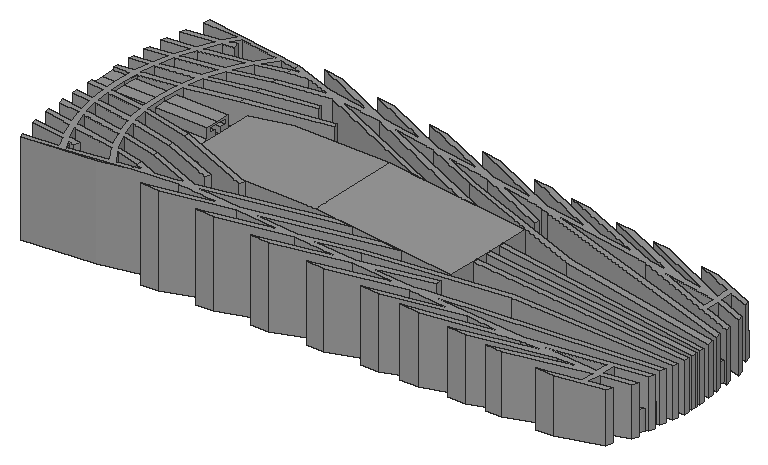
Revit family "Superstreet 340", category Осветительные приборы, Revit 2017 (continued)
Types (11, lengths in mm): name | built-in parameter 1150134 | Файл фотометрической сетки | built-in parameter 1150105 | Lumens | built-in parameter 1150106 | built-in parameter 1150142 | Wattage | built-in parameter 1150107 | Артикул
  Superstreet 340 5.0К Ш13 | 2 | "Superstreet 340-310-LLI13-5.0К-01.ies" | 2910.9 (stored number, unit not read) | 36580 lm | 29.109 (stored number, unit not read) | "ISNA:LM-63-1995\r\n[TEST]LEDEL\r\n[DATA]28.05.2018\r\n[MANUFAC]LEDEL\r\n[LUMCAT]Superstreet 340/310/Ш13/5.0K/01\r\n[LUMINAIRE]Для освещения дорог категорий А и Б, городских улиц и площадей\r\n[LAMPCAT]LED\r\n[LAMP]OSRAM OSLON SQUARE3\r\nTILT=NONE\r\n\r\n1 36580 1.9258713277877 37 37 1 2 0.636 0.256 0.100\r\n1 1 310\r\n\r\n0 2.5 5 7.5 10 12.5 15 17.5 20 22.5 25 27.5 30 32.5 35 37.5 40 42.5 45 47.5\r\n 50 52.5 55 57.5 60 62.5 65 67.5 70 72.5 75 77.5 80 82.5 85 87.5 90\r\n\r\n90 95 100 105 110 115 120 125 130 135 140 145 150 155 160 165 170 175 180\r\n 185 190 195 200 205 210 215 220 225 230 235 240 245 250 255 260 265 270\r\n\r\n\r\n   6235 5721 5230 4749 4277 3754 3242 2810 2529 2300 2116 1966 1809 1658 1539\r\n  1403 1314 1189 1073 1066 1246 1261 1126 1039 1021 1006 1013 1017 953 799\r\n  548 379 226 121 53 27 23\r\n  6175 5646 5170 4701 4217 3699 3174 2780 2484 2285 2094 1951 1786 1640 1531\r\n  1403 1284 1171 1051 1107 1246 1216 1111 1024 991 1006 1013 999 901 766\r\n  511 349 211 106 38 31 16\r\n  6235 5721 5223 4776 4292 3774 3234 2817 2514 2288 2094 1951 1816 1681 1546\r\n  1426 1276 1148 1066 1062 1216 1231 1111 1024 1006 1006 1006 1006 938 784\r\n  571 379 256 136 46 27 8\r\n  6416 5886 5403 4956 4487 4026 3489 2997 2672 2431 2221 2056 1899 1771 1621\r\n  1475 1336 1216 1103 1024 1141 1264 1156 1036 968 964 991 953 901 781\r\n  593 376 263 139 61 19 16\r\n  6258 5743 5290 4839 4397 3936 3399 2975 2642 2431 2229 2060 1899 1768 1629\r\n  1471 1314 1216 1096 1051 1103 1216 1171 1036 961 931 916 901 863 766\r\n  638 451 263 132 46 27 23\r\n  6416 5908 5455 5031 4592 4164 3677 3204 2837 2597 2364 2195 2034 1880 1726\r\n  1591 1441 1291 1178 1051 1013 1111 1141 1073 976 886 841 852 811 766\r\n  676 514 316 136 53 27 16\r\n  6378 5901 5463 5038 4637 4221 3759 3294 2912 2645 2446 2266 2116 1951 1801\r\n  1651 1486 1328 1208 1099 1006 1006 1058 1051 976 901 796 732 721 691\r\n  631 514 316 151 61 31 8\r\n 6281 5833 5433 5061 4675 4299 3887 3455 3054 2769 2552 2386 2206 2045 1884\r\n  1715 1554 1385 1231 1114 1028 961 961 961 916 859 781 706 631 589\r\n  518 421 241 121 46 31 16\r\n  6326 5920 5515 5169 4817 4472 4090 3672 3294 2960 2709 2522 2341 2153 1996\r\n  1816 1651 1493 1336 1189 1066 976 931 886 848 811 751 679 608 529\r\n  466 361 218 121 46 31 31\r\n   6371 5976 5620 5271 4967 4652 4315 3962 3564 3212 2912 2687 2469 2296 2124\r\n  1951 1786 1610 1456 1294 1171 1036 938 856 796 766 713 676 593 526\r\n  443 323 196 106 46 31 31\r\n  6386 6036 5710 5399 5095 4821 4555 4236 3925 3579 3219 2957 2702 2491 2296\r\n  2120 1951 1786 1599 1430 1269 1118 968 859 781 721 683 634 586 481\r\n  383 271 166 102 46 31 31\r\n  6386 6066 5793 5523 5268 5031 4787 4532 4262 3977 3632 3294 3002 2762 2537\r\n  2356 2146 1955 1771 1610 1411 1261 1081 934 826 743 683 642 571 488\r\n  383 271 181 106 46 34 31\r\n  6483 6201 5943 5691 5470 5245 5043 4821 4615 4371 4105 3812 3512 3200 2934\r\n  2690 2454 2225 2034 1823 1614 1426 1216 1062 946 856 788 706 616 511\r\n  383 274 181 109 46 42 38\r\n  6476 6228 6003 5808 5628 5459 5283 5103 4915 4727 4502 4281 4037 3782 3497\r\n  3215 2964 2705 2454 2210 1966 1726 1501 1318 1193 1126 1058 961 826 634\r\n  443 301 203 121 61 46 46\r\n  6416 6231 6048 5913 5763 5643 5493 5373 5238 5079 4937 4772 4570 4386 4172\r\n  3951 3714 3452 3182 2897 2604 2318 2071 1895 1816 1778 1771 1610 1238 769\r\n  443 301 203 121 91 46 38\r\n  6461 6318 6183 6078 5973 5883 5793 5691 5583 5489 5343 5223 5088 4914 4742\r\n  4566 4390 4187 3955 3695 3444 3200 3017 2882 2867 2949 2987 2717 1989 1080\r\n  541 304 173 109 91 49 46\r\n  6483 6393 6303 6250 6198 6138 6093 6036 5973 5909 5823 5736 5628 5500 5380\r\n  5238 5088 4937 4742 4521 4300 4101 3947 3857 3887 4097 4375 4412 3564 2074\r\n  923 379 211 136 98 61 53\r\n  6528 6468 6438 6408 6393 6408 6393 6393 6393 6390 6333 6303 6228 6138 6018\r\n  5901 5763 5590 5395 5196 4967 4791 4682 4622 4712 5021 5485 5643 4660 2786\r\n  1223 491 263 151 106 84 46\r\n  6528 6540 6558 6588 6663 6738 6798 6858 6918 6975 7008 7038 7046 6993 6948\r\n  6873 6791 6663 6543 6405 6303 6288 6363 6528 6821 7409 8171 8205 6371 3474\r\n  1081 391 226 151 113 91 46\r\n  6528 6558 6626 6708 6813 6907 7053 7173 7308 7413 7534 7639 7729 7789 7804\r\n  7804 7759 7714 7661 7579 7556 7612 7759 8047 8531 9322 10280 10576 8967 5519\r\n  2049 549 263 199 151 121 98\r\n  6483 6577 6708 6858 7023 7173 7353 7564 7744 7931 8134 8317 8479 8614 8704\r\n  8749 8764 8719 8644 8569 8509 8542 8666 8924 9387 10140 11120 11585 10205 6656\r\n  2754 755 271 207 166 132 98\r\n  6461 6618 6768 6952 7158 7387 7631 7882 8134 8354 8629 8873 9094 9289 9402\r\n  9458 9454 9364 9184 9001 8824 8719 8734 8869 9222 9907 10902 11570 10595 7253\r\n  3099 845 316 226 181 136 121\r\n  6416 6618 6813 7042 7301 7567 7864 8152 8456 8737 9012 9289 9514 9713 9829\r\n  9868 9792 9612 9364 9072 8824 8655 8576 8644 8877 9341 10107 10692 10040 7233\r\n  3317 917 301 211 136 117 91\r\n  6476 6708 6963 7237 7549 7864 8179 8486 8809 9105 9387 9653 9882 10040 10085\r\n  10051 9882 9612 9304 9001 8726 8539 8389 8284 8194 8089 8074 7793 6446 3864\r\n  1584 624 331 192 121 91 61\r\n   6483 6760 7076 7387 7736 8062 8404 8726 9064 9341 9612 9833 10025 10145 10152\r\n  10055 9837 9514 9177 8791 8419 8040 7564 6938 6168 5362 4675 4080 3039 1664\r\n  758 432 278 132 76 57 46\r\n  6386 6720 7038 7390 7766 8134 8471 8804 9139 9413 9657 9893 10009 10133 10152\r\n  10040 9799 9421 8944 8400 7736 6934 5890 4822 3917 3220 2784 2431 1914 1213\r\n  706 462 316 196 121 106 91\r\n  6386 6742 7128 7537 7916 8302 8666 8989 9297 9559 9754 9949 10062 10100 10002\r\n  9777 9372 8795 8074 7151 6010 4822 3842 3123 2612 2218 1906 1633 1246 852\r\n  608 481 368 211 106 57 31\r\n  6371 6760 7166 7574 7991 8392 8749 9053 9327 9574 9769 9908 9987 9926 9777\r\n  9417 8839 7988 6888 5572 4322 3381 2717 2271 1921 1674 1479 1276 968 706\r\n  586 514 361 192 61 42 38\r\n  6326 6760 7218 7657 8074 8482 8824 9117 9372 9585 9769 9874 9874 9739 9417\r\n  8885 8051 6871 5515 4275 3317 2650 2206 1899 1666 1493 1374 1183 916 702\r\n  586 481 361 211 106 46 38\r\n  6281 6742 7218 7675 8104 8516 8869 9143 9372 9574 9717 9784 9709 9496 9049\r\n  8307 7211 5881 4570 3547 2792 2293 1959 1723 1554 1438 1276 1062 826 627\r\n  511 387 301 174 98 42 31\r\n  6378 6895 7421 7912 8359 8737 9042 9266 9477 9596 9657 9589 9402 8997 8299\r\n  7216 5883 4593 3594 2875 2356 2004 1764 1618 1464 1306 1118 897 698 541\r\n  436 304 226 132 91 46 23\r\n  6416 6914 7458 7931 8359 8722 9004 9248 9424 9559 9567 9454 9154 8604 7729\r\n  6488 5163 4027 3212 2608 2184 1888 1711 1550 1396 1216 1021 807 623 481\r\n  361 271 196 106 61 31 16\r\n 6258 6787 7323 7822 8269 8647 8944 9199 9349 9469 9477 9357 9019 8435 7503\r\n  6286 4990 3895 3099 2548 2139 1876 1689 1531 1359 1171 968 781 571 439\r\n  316 249 181 121 76 42 31\r\n  6416 6959 7519 8032 8456 8782 9049 9244 9387 9431 9349 9129 8644 7898 6821\r\n  5569 4427 3517 2874 2425 2064 1846 1636 1471 1299 1126 916 717 548 391\r\n  293 211 151 114 61 27 16\r\n  6235 6805 7368 7886 8336 8707 8982 9199 9327 9379 9304 9061 8599 7793 6678\r\n  5430 4277 3381 2747 2293 1981 1771 1591 1419 1246 1062 871 676 511 372\r\n  286 211 143 106 53 31 16\r\n  6175 6727 7301 7822 8291 8659 8929 9143 9304 9364 9289 9061 8606 7827 6716\r\n  5460 4315 3400 2769 2331 2004 1783 1599 1441 1246 1062 871 680 518 376\r\n  293 222 181 109 53 46 38\r\n  6235 6802 7361 7897 8336 8707 8967 9158 9304 9357 9267 8986 8486 7647 6521\r\n  5280 4172 3333 2717 2293 2011 1798 1614 1430 1261 1066 871 669 518 376\r\n  286 211 151 94 53 31 31\r\n" | 246.26 W | 5000 (stored number, unit not read) | "306110"
  Superstreet 340 5.0К Ш7 | 2 | "Superstreet 340-310-LLI7-5.0K-05.ies" | 2750.6 (stored number, unit not read) | 34565 lm | 27.506 (stored number, unit not read) | "ISNA:LM-63-1995\r\n[TEST]LEDEL\r\n[DATA]28.05.2018\r\n[MANUFAC]LEDEL\r\n[LUMCAT]Superstreet 340/310/Ш7/5.0K/05\r\n[LUMINAIRE]Для освещения дорог категорий А и Б, городских улиц и площадей\r\n[LAMPCAT]LED\r\n[LAMP]OSRAM OSLON SQUARE3\r\nTILT=NONE\r\n\r\n1 34565 1.2651903367496 37 37 1 2 0.636 0.256 0.100\r\n1 1 310\r\n\r\n0 2.5 5 7.5 10 12.5 15 17.5 20 22.5 25 27.5 30 32.5 35 37.5 40 42.5 45 47.5\r\n 50 52.5 55 57.5 60 62.5 65 67.5 70 72.5 75 77.5 80 82.5 85 87.5 90\r\n\r\n90 95 100 105 110 115 120 125 130 135 140 145 150 155 160 165 170 175 180\r\n 185 190 195 200 205 210 215 220 225 230 235 240 245 250 255 260 265 270\r\n\r\n  6845 6637 6468 6340 6224 6122 6040 5994 5964 5946 5928 5855 5708 5491 5207\r\n  4870 4497 4086 3619 2936 2029 1269 936 811 716 646 559 477 399 329\r\n  272 218 163 121 85 73 67\r\n  6842 6643 6489 6364 6248 6157 6076 6030 6006 5994 5961 5874 5717 5479 5191\r\n  4841 4467 4068 3601 2928 2026 1263 927 800 710 628 550 473 405 339\r\n  278 224 176 123 85 73 73\r\n  6836 6648 6504 6394 6284 6193 6115 6061 6030 6002 5961 5857 5677 5424 5110\r\n  4749 4371 3984 3553 2938 2080 1299 927 793 695 612 538 473 408 345\r\n  281 227 176 127 91 73 73\r\n  6839 6656 6519 6411 6305 6212 6136 6073 6030 5994 5931 5810 5614 5351 5016\r\n  4646 4262 3887 3468 2895 2101 1331 927 787 692 610 526 462 405 345\r\n  284 236 182 130 91 79 73\r\n  6857 6687 6556 6442 6341 6248 6166 6092 6040 5990 5907 5781 5587 5312 4980\r\n  4606 4229 3857 3477 2977 2243 1457 969 793 701 618 538 471 408 351\r\n  293 242 188 141 103 79 73\r\n  6876 6714 6592 6479 6381 6291 6202 6128 6067 6000 5910 5780 5590 5327 4998\r\n  4634 4265 3909 3562 3146 2530 1737 1102 829 722 642 574 498 429 365\r\n  311 254 206 147 106 79 76\r\n  6885 6744 6613 6509 6411 6317 6242 6175 6109 6038 5952 5839 5665 5430 5131\r\n  4784 4416 4053 3710 3320 2783 2016 1283 885 737 654 583 521 459 396\r\n  332 272 206 151 106 79 79\r\n  6903 6767 6643 6545 6462 6376 6296 6230 6160 6082 6000 5888 5726 5501 5222\r\n  4892 4540 4186 3833 3447 2922 2221 1473 966 758 667 598 544 480 417\r\n  348 278 209 147 109 80 79\r\n  6933 6809 6697 6604 6528 6450 6378 6308 6239 6171 6091 5990 5858 5677 5448\r\n  5171 4847 4501 4141 3789 3387 2822 2050 1299 882 731 643 575 514 447\r\n  378 296 224 160 112 85 79\r\n  6945 6835 6737 6652 6592 6531 6462 6394 6335 6278 6202 6109 6003 5869 5689\r\n  5454 5170 4852 4497 4144 3776 3302 2611 1773 1108 800 683 592 523 449\r\n  375 292 224 170 115 91 85\r\n  6948 6854 6770 6696 6646 6598 6534 6477 6429 6375 6299 6214 6124 6015 5880\r\n  5706 5484 5224 4914 4579 4217 3773 3151 2323 1494 952 728 616 523 443\r\n  369 292 230 170 115 91 85\r\n  6966 6888 6815 6761 6731 6694 6646 6610 6562 6509 6447 6370 6293 6214 6142\r\n  6056 5943 5802 5611 5363 5047 4666 4159 3390 2397 1459 885 667 553 473\r\n  405 320 239 171 121 100 88\r\n  6972 6912 6857 6815 6803 6780 6767 6743 6713 6670 6622 6562 6498 6442 6414\r\n  6405 6393 6381 6344 6263 6106 5834 5406 4730 3713 2472 1389 813 619 485\r\n  387 308 242 176 124 103 91\r\n  6984 6937 6900 6875 6875 6882 6882 6882 6872 6841 6806 6767 6719 6696 6703\r\n  6741 6803 6882 6975 7060 7105 7081 6906 6419 5499 4106 2530 1302 731 515\r\n  399 316 245 182 133 109 103\r\n  7002 6978 6954 6948 6969 7002 7032 7045 7051 7051 7038 7020 7011 7014 7045\r\n  7105 7217 7368 7552 7707 7853 8081 8285 8289 7823 6601 4666 2611 1171 632\r\n  456 340 251 183 139 115 109\r\n  7014 7008 7008 7020 7063 7111 7171 7214 7250 7274 7286 7298 7316 7340 7389\r\n  7491 7678 7905 8046 8065 8206 8518 8934 9387 9673 9413 8113 5688 2970 1262\r\n  649 427 287 194 151 121 112\r\n  7038 6978 6933 6918 6960 7037 7138 7248 7355 7454 7545 7641 7721 7792 7859\r\n  7935 8013 8158 8466 8560 8318 8108 8046 8074 8164 8374 8792 9496 10222 9363\r\n  5843 2073 459 177 206 196 157\r\n  7038 6972 6909 6888 6912 6978 7069 7165 7253 7339 7416 7491 7564 7623 7681\r\n  7745 7844 8056 8306 8277 8037 7884 7847 7882 7977 8169 8505 9025 9254 7315\r\n  3462 939 302 272 248 194 145\r\n  7032 6934 6863 6845 6875 6931 7008 7082 7150 7214 7280 7336 7383 7438 7488\r\n  7541 7648 7948 8215 8006 7711 7642 7678 7776 7956 8262 8707 9327 9269 6496\r\n  2563 578 345 289 212 151 121\r\n  7038 6971 6906 6888 6915 6978 7072 7167 7253 7340 7419 7494 7564 7624 7684\r\n  7746 7850 8063 8306 8272 8031 7882 7847 7884 7977 8176 8520 9037 9242 7225\r\n  3372 909 293 272 245 192 145\r\n  7038 7051 7051 7087 7129 7209 7304 7376 7437 7491 7533 7570 7612 7654 7718\r\n  7855 8125 8417 8460 8317 8327 8482 8762 9230 9912 10638 10817 9538 6534 3389\r\n  1286 529 332 222 170 137 115\r\n  7014 6993 6954 6949 6996 7070 7180 7305 7431 7541 7648 7746 7841 7921 8010\r\n  8084 8152 8262 8590 8923 8795 8496 8391 8458 8701 9202 10132 11696 13277 12469\r\n  8391 3318 764 247 236 212 170\r\n  7002 6996 6972 6978 7026 7111 7226 7361 7497 7619 7733 7843 7944 8042 8125\r\n  8215 8297 8387 8629 9035 9163 9005 8985 9247 9890 11072 12785 14109 13895 11897\r\n  8885 5242 1965 519 221 182 157\r\n  6984 6996 6984 7008 7069 7153 7271 7408 7555 7686 7808 7921 8043 8150 8255\r\n  8362 8484 8614 8837 9302 9670 9792 10014 10778 12426 14096 14194 13140 12190 10471\r\n  7041 3191 1005 438 293 210 142\r\n  6972 7002 7008 7045 7108 7192 7313 7450 7600 7746 7874 8004 8128 8259 8394\r\n  8538 8713 8917 9190 9677 10289 10786 11608 13450 14725 14134 12884 11593 9208 5164\r\n  1956 816 529 379 266 180 118\r\n  6966 7008 7032 7081 7144 7232 7337 7474 7627 7778 7923 8060 8212 8362 8538\r\n  8748 8994 9306 9679 10116 10690 11728 13609 14784 14236 12909 10775 7159 3311 1390\r\n  827 595 435 326 251 176 115\r\n  6948 7010 7051 7112 7186 7268 7373 7511 7669 7825 7983 8129 8294 8484 8719\r\n  9012 9347 9729 10180 10789 11831 13568 14644 13990 12260 8812 4280 1754 1096 850\r\n  619 476 381 295 221 150 91\r\n 6945 7020 7072 7141 7217 7298 7386 7517 7675 7832 7989 8152 8336 8564 8855\r\n  9196 9565 9985 10560 11435 12878 14073 13603 11822 7808 3327 1443 1067 843 645\r\n  532 469 387 306 215 144 85\r\n  6933 7020 7084 7167 7256 7336 7422 7547 7687 7843 8007 8187 8406 8674 8994\r\n  9342 9734 10246 10986 12100 13183 13045 11584 7858 3360 1421 1030 872 701 592\r\n  529 477 399 308 224 150 85\r\n  6903 7016 7102 7192 7292 7376 7470 7577 7711 7855 8022 8232 8493 8792 9112\r\n  9457 9881 10460 11270 12197 12374 11278 8068 3303 1325 1033 894 729 628 562\r\n  514 438 354 284 224 150 82\r\n  6885 7020 7114 7214 7319 7413 7497 7606 7721 7855 8025 8248 8523 8822 9124\r\n  9471 9924 10518 11230 11680 11164 9251 4998 1839 1027 917 803 693 616 556\r\n  486 402 339 284 221 144 79\r\n  6876 7023 7129 7239 7349 7444 7536 7636 7742 7862 8034 8267 8544 8828 9121\r\n  9466 9927 10479 10977 10907 9779 6791 2922 1248 936 864 767 677 610 541\r\n  453 381 323 278 212 139 79\r\n  6857 7023 7150 7269 7386 7485 7576 7674 7778 7909 8083 8321 8605 8870 9145\r\n  9513 9975 10424 10615 9987 8071 4378 1679 1030 936 826 719 645 580 489\r\n  411 349 308 254 185 120 61\r\n  6839 7016 7159 7281 7404 7505 7591 7686 7799 7939 8110 8351 8611 8852 9121\r\n  9483 9897 10228 10183 9266 6924 3396 1374 989 915 807 710 645 559 469\r\n  399 349 302 241 170 109 61\r\n  6836 7016 7168 7299 7419 7521 7615 7708 7814 7945 8125 8365 8620 8841 9097\r\n  9432 9785 10040 9909 8910 6513 3311 1443 965 900 833 755 674 580 489\r\n  426 375 317 242 173 120 76\r\n  6842 7034 7186 7325 7452 7552 7648 7745 7850 7981 8170 8424 8665 8894 9163\r\n  9505 9827 9978 9610 8258 5439 2466 1217 1012 942 852 764 677 577 483\r\n  417 357 287 210 148 91 55\r\n  6845 7040 7207 7348 7476 7582 7684 7782 7890 8018 8212 8478 8726 8955 9214\r\n  9558 9854 9987 9583 8258 5575 2690 1286 995 945 873 782 687 583 488\r\n  420 357 281 194 139 85 49\r\n\r\n\r\n\r\n" | 232.695 W | 5000 (stored number, unit not read) | "306119"
  Superstreet 340 5.0К Ш8 | 2 | "Superstreet 340-310-LLI8-5.0K-01.ies" | 2716.1 (stored number, unit not read) | 34131 lm | 27.161 (stored number, unit not read) | "ISNA:LM-63-1995\r\n[TEST]LEDEL\r\n[DATA]28.05.2018\r\n[MANUFAC]LEDEL\r\n[LUMCAT]Superstreet 340/310/Ш8/5.0K/01\r\n[LUMINAIRE]Для освещения дорог категорий А и Б, городских улиц и площадей\r\n[LAMPCAT]LED\r\n[LAMP]OSRAM OSLON SQUARE3\r\nTILT=NONE\r\n\r\n1 34131 1.743423405016 37 37 1 2 0.636 0.256 0.100\r\n1 1 310\r\n\r\n0 2.5 5 7.5 10 12.5 15 17.5 20 22.5 25 27.5 30 32.5 35 37.5 40 42.5 45 47.5\r\n 50 52.5 55 57.5 60 62.5 65 67.5 70 72.5 75 77.5 80 82.5 85 87.5 90\r\n\r\n90 95 100 105 110 115 120 125 130 135 140 145 150 155 160 165 170 175 180\r\n 185 190 195 200 205 210 215 220 225 230 235 240 245 250 255 260 265 270\r\n\r\n\r\n  5234 5069 4912 4721 4546 4367 4231 4063 3931 3763 3617 3444 3273 3104 2928\r\n  2742 2555 2372 2218 2006 1787 1530 1281 1087 952 824 703 601 506 425\r\n  323 249 147 103 59 56 37\r\n  5220 5081 4912 4744 4554 4385 4231 4100 3939 3792 3624 3459 3294 3122 2965\r\n  2785 2584 2394 2211 2010 1801 1533 1289 1095 952 820 689 601 520 414\r\n  337 249 162 106 59 41 37\r\n  5212 5077 4920 4747 4583 4422 4275 4129 3983 3840 3690 3532 3375 3221 3068\r\n  2885 2702 2486 2270 2068 1845 1600 1333 1102 981 835 711 615 528 428\r\n  330 253 191 118 74 44 37\r\n  5234 5081 4927 4773 4590 4436 4305 4176 4026 3880 3726 3573 3426 3280 3133\r\n  2958 2745 2504 2299 2094 1896 1640 1362 1146 996 850 732 630 535 440\r\n  337 264 191 118 88 44 37\r\n  5227 5081 4934 4773 4612 4495 4349 4239 4092 3957 3800 3646 3485 3368 3265\r\n  3082 2804 2548 2328 2141 1918 1684 1421 1190 1011 879 769 663 571 443\r\n  366 282 198 129 59 44 37\r\n  5198 5081 4949 4795 4656 4528 4422 4311 4195 4063 3939 3778 3639 3514 3397\r\n  3243 2958 2654 2431 2255 2057 1805 1523 1278 1077 934 820 692 593 464\r\n  381 293 191 129 74 44 44\r\n  5212 5095 4978 4846 4707 4601 4502 4422 4290 4213 4100 3953 3807 3701 3573\r\n  3386 3119 2855 2636 2431 2248 2010 1750 1494 1230 1014 879 762 645 516\r\n  396 293 198 121 59 59 30\r\n  5198 5081 4993 4861 4751 4637 4568 4495 4414 4315 4231 4114 4012 3901 3748\r\n  3517 3273 3046 2826 2639 2467 2255 1984 1691 1413 1172 1011 853 703 571\r\n  418 305 198 132 88 59 37\r\n  5212 5106 5015 4920 4824 4744 4671 4612 4568 4495 4429 4352 4275 4191 4070\r\n  3807 3543 3356 3170 2961 2745 2562 2299 1992 1662 1395 1216 1029 842 637\r\n  454 308 220 169 88 48 30\r\n  5198 5110 5015 4938 4861 4788 4758 4715 4678 4627 4583 4524 4466 4378 4195\r\n  3957 3770 3631 3470 3269 3038 2815 2606 2302 1926 1618 1421 1190 937 703\r\n  484 337 213 132 96 44 44\r\n  5198 5117 5051 4993 4934 4864 4846 4846 4817 4784 4729 4700 4663 4583 4414\r\n  4224 4085 3939 3800 3635 3441 3221 2972 2727 2343 1943 1647 1391 1084 780\r\n  535 370 249 147 103 82 52\r\n  5190 5132 5073 5011 4985 4956 4949 4945 4941 4923 4912 4882 4861 4777 4656\r\n  4524 4414 4311 4188 4045 3924 3734 3529 3313 2987 2551 2035 1533 1208 868\r\n  601 414 264 154 110 55 52\r\n  5212 5154 5103 5081 5051 5037 5051 5069 5081 5077 5081 5095 5081 5022 4941\r\n  4861 4817 4770 4678 4583 4502 4422 4349 4224 4026 3631 2987 2156 1435 1014\r\n  718 502 293 191 118 88 59\r\n  5212 5154 5110 5110 5110 5110 5146 5168 5190 5227 5256 5256 5249 5230 5198\r\n  5165 5154 5150 5051 5004 4993 4978 4978 4956 4861 4586 3939 2931 1845 1149\r\n  784 531 323 202 125 88 59\r\n  5190 5168 5154 5168 5161 5194 5242 5271 5315 5344 5395 5421 5432 5424 5447\r\n  5432 5447 5432 5344 5292 5322 5344 5403 5476 5505 5453 5146 4304 3002 1698\r\n  1003 663 418 264 140 103 74\r\n  5183 5172 5161 5183 5212 5256 5329 5359 5417 5476 5505 5560 5600 5614 5652\r\n  5640 5666 5637 5512 5505 5549 5578 5637 5710 5813 5900 5813 5252 4056 2615\r\n  1435 798 484 290 162 92 59\r\n  5183 5168 5176 5198 5256 5326 5403 5476 5512 5578 5622 5666 5710 5743 5769\r\n  5779 5813 5713 5622 5637 5652 5666 5673 5739 5856 5959 5959 5658 4751 3347\r\n  2035 1097 579 337 162 103 88\r\n  5183 5183 5212 5245 5315 5388 5483 5564 5608 5677 5739 5791 5820 5856 5893\r\n  5912 5886 5769 5695 5710 5681 5677 5673 5725 5769 5798 5725 5530 4971 3850\r\n  2482 1350 667 344 191 118 74\r\n  5183 5183 5183 5227 5242 5286 5344 5406 5476 5549 5593 5652 5710 5754 5813\r\n  5842 5893 5845 5827 5801 5798 5798 5805 5813 5813 5725 5534 5173 4385 3369\r\n  2240 1144 476 249 140 100 59\r\n  5183 5198 5227 5242 5286 5344 5417 5490 5564 5637 5725 5798 5835 5900 5974\r\n  6018 6069 6047 6010 5988 5974 5959 5944 5926 5900 5809 5622 5341 4715 3790\r\n  2643 1466 630 264 147 103 88\r\n  5183 5204 5256 5286 5351 5429 5490 5578 5666 5743 5820 5904 5988 6065 6149\r\n  6208 6244 6241 6230 6222 6208 6219 6208 6222 6208 6164 6083 6018 5666 4778\r\n  3390 1799 732 308 198 132 96\r\n  5183 5242 5271 5344 5410 5505 5586 5666 5761 5856 5966 6050 6142 6237 6310\r\n  6384 6427 6457 6449 6471 6486 6574 6647 6720 6837 6911 6976 6998 6362 4917\r\n  3294 1784 740 337 191 114 74\r\n  5190 5256 5315 5388 5476 5549 5652 5739 5842 5936 6054 6149 6244 6340 6427\r\n  6501 6574 6662 6728 6823 6940 7104 7291 7467 7643 7804 7774 7266 6127 4650\r\n  3265 1945 886 363 183 103 59\r\n  5212 5256 5322 5406 5498 5593 5695 5798 5900 6000 6120 6211 6310 6402 6501\r\n  6629 6720 6867 7028 7221 7423 7613 7796 7997 8235 8283 7818 6904 5695 4065\r\n  2460 1308 689 366 205 129 96\r\n  5212 5286 5359 5447 5556 5640 5739 5842 5952 6061 6164 6284 6391 6530 6647\r\n  6797 6962 7148 7364 7543 7694 7851 8045 8308 8433 8072 7181 5866 4063 2267\r\n  1230 758 491 282 176 88 52\r\n  5190 5271 5373 5442 5556 5640 5747 5842 5944 6061 6157 6296 6405 6548 6698\r\n  6881 7064 7262 7423 7540 7635 7789 8016 8147 7848 6967 5505 3659 2050 1246\r\n  850 597 396 227 125 88 44\r\n  5198 5292 5388 5490 5586 5681 5783 5863 5974 6076 6179 6314 6464 6618 6786\r\n  6958 7130 7262 7320 7379 7445 7566 7628 7229 6310 4885 3163 1876 1281 975\r\n  711 469 323 205 125 88 44\r\n  5198 5292 5395 5490 5593 5688 5783 5863 5981 6097 6222 6369 6537 6694 6859\r\n  6995 7086 7116 7108 7119 7130 6984 6384 5349 3990 2510 1582 1245 1025 788\r\n  571 381 279 176 96 59 30\r\n  5212 5318 5417 5509 5600 5710 5798 5886 5974 6079 6230 6369 6530 6668 6793\r\n  6881 6903 6878 6815 6709 6530 5996 4978 3743 2284 1490 1238 1037 857 671\r\n  513 363 271 147 96 48 44\r\n  5198 5315 5417 5520 5615 5691 5798 5863 5981 6120 6244 6413 6545 6647 6735\r\n  6746 6691 6588 6442 6201 5813 5100 4070 2765 1633 1224 1055 913 769 615\r\n  498 366 264 147 96 44 30\r\n  5212 5333 5425 5549 5637 5713 5798 5852 5981 6120 6252 6413 6537 6621 6632\r\n  6585 6486 6322 6083 5725 5234 4441 3375 2121 1333 1080 930 814 681 586\r\n  469 363 249 147 88 44 30\r\n  5198 5329 5432 5527 5608 5710 5769 5842 5974 6097 6266 6413 6515 6559 6515\r\n  6424 6274 6003 5659 5228 4612 3767 2665 1604 1157 993 857 747 623 539\r\n  440 352 257 147 96 44 30\r\n  5227 5329 5432 5527 5622 5710 5761 5842 5959 6091 6252 6384 6471 6497 6427\r\n  6307 6113 5809 5395 4909 4261 3409 2270 1414 1077 937 828 692 608 510\r\n  418 330 249 144 88 30 22\r\n  5234 5344 5461 5564 5644 5713 5783 5856 5988 6135 6288 6409 6457 6427 6325\r\n  6179 5944 5575 5132 4620 3917 2966 1867 1235 1025 901 769 671 579 476\r\n  396 293 205 144 74 30 22\r\n  5212 5333 5439 5552 5622 5688 5761 5827 5944 6079 6237 6369 6413 6384 6288\r\n  6143 5871 5490 5051 4536 3836 2868 1794 1224 1011 876 762 659 579 466\r\n  374 293 191 129 66 19 15\r\n  5220 5347 5476 5564 5637 5710 5754 5827 5930 6091 6237 6340 6384 6336 6244\r\n  6076 5805 5393 4934 4418 3690 2721 1706 1201 1011 876 754 630 542 466\r\n  381 290 191 118 52 41 30\r\n  5234 5359 5476 5564 5652 5710 5754 5831 5944 6113 6244 6340 6384 6314 6230\r\n  6073 5747 5286 4839 4287 3536 2520 1574 1168 1018 876 747 653 535 454\r\n  366 253 183 114 59 30 15" | 229.773 W | 5000 (stored number, unit not read) | "306115"
